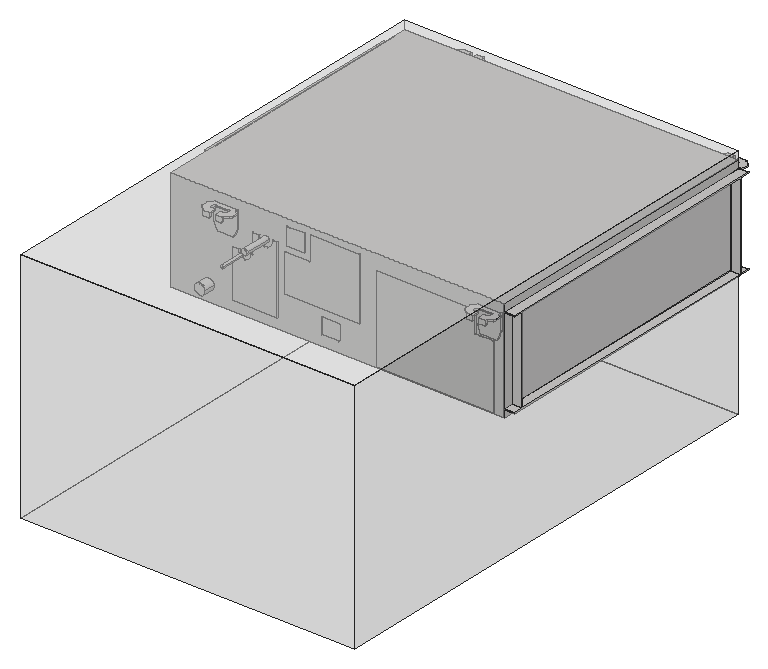
Revit family "outputfile", category 機械設備, Revit 2024
Family settings
  丸型コネクタ寸法 = 半径を使用
  パーツ タイプ = 標準
  OmniClass 番号 = 23.75.10.24.21.27.27
  OmniClass タイトル = Split System Air Conditioning Units
  作業面ベース = いいえ
  常に垂直 = はい
  ロード時にボイドで切り取り = いいえ
  注釈の向きを維持 = いいえ
  共有 = いいえ
  部屋計算ポイント = はい
Parameters (values of type "FBFC50DVM4")
  Description = ""
  製造元 = "Daikin"
  書き出し IFC クラス(タイプ) = "IfcUnitaryEquipmentType"
  定義済み IFC タイプ(タイプ) = "AIRCONDITIONINGUNIT"
  Cost = 0
  モデル = "FBFC50DVM4"
  Type Comments = ""
  Keynote = ""
  Type Image = (empty or 0)
  Assembly Code = ""
  switch_frequency = yes
  r_Liquid Pipe Size = Liquid Pipe Size / 2  # 3.2 mm
  r_Gas Pipe Size = Gas Pipe Size / 2  # 6.35 mm
  r_Drain Pipe Size = Drain Pipe Size / 2  # 12.5 mm
  lw_power = 770.0 mm  # constant formula
  lh_SA = 138.0 mm  # constant formula
  lw_SA = if(Depth = 550.0 mm, 225.0 mm, if(Depth = 700.0 mm, 300.0 mm, if(Depth = 1000.0 mm, 450.0 mm, if(Depth = 1400.0 mm, 650.0 mm, 725.0 mm))))  # 300.0 mm
  lw_RA = if(Depth = 550.0 mm, 275.0 mm, if(Depth = 700.0 mm, 349.0 mm, if(Depth = 1000.0 mm, 499.0 mm, if(Depth = 1400.0 mm, 699.0 mm, 775.0 mm))))  # 349.0 mm
  lh_power = 60.0 mm + [h***]  # 60.0 mm
  lh_mountinghole1 = lh_mountinghole + [h***]  # 222.0 mm
  lh_RA = 123.0 mm  # constant formula
  ld_power = Depth / 2  # 350.0 mm
  connector_voltage = Voltage_50Hz  # 230 V
  connector_powerinput = [Power Input (Cooling)]  # 0.000 kW
  connector_phase = Phase_50Hz  # 1
  Voltage_comment_50Hz = "220 - 240"
  Voltage_50Hz = 230 V
  URL = ""
  Supply Air Direction [instance] = yes
  Sound Power Level_H speed (dB) = 0
  Phase_50Hz = 1
  Minimum External Static Pressure = 30.00 Pa
  Minimum Circuit Amps_50Hz = 0.0 A
  Maximum Fuse Amps_50Hz = 0.0 A
  Maximum External Static Pressure = 130.00 Pa
  Material_Casing = DAIKIN_GalvanizedSteel_Casing_indoorunit
  lw_mountinghole = 630.0 mm  # constant formula
  lh_gaspipe = 183.0 mm + [h***]  # 183.0 mm
  lh_mountinghole = 222.0 mm  # constant formula
  lh_liquidpipe = 136.0 mm + [h***]  # 136.0 mm
  lh_drainpipe = 38.0 mm + [h***]  # 38.0 mm
  lh_antena = Height - lh_mountinghole + 1.0 mm  # 24.0 mm
  ld_drainpipe = Depth / 2 + 26.0 mm  # 376.0 mm
  ld_liquidpipe = Depth / 2 + 69.0 mm  # 419.0 mm
  ld_gaspipe = Depth / 2 + 65.0 mm  # 415.0 mm
  ld_mountinghole = Depth + 38.0 mm  # 738.0 mm
  h*** = 0.0 mm  # constant formula
  lw_liquidpipe = 179.0 mm  # constant formula
  lw_gaspipe = 229.0 mm  # constant formula
  lw_drainpipe = 91.0 mm  # constant formula
  Width = 800.0 mm
  Version = "ver.1.0"
  Unit Type = "M.S.P. Duct"
  Unit Mass Weight = 26.00 kg
  Unit Designation [instance] = ""
  Uniclass2015Version = "Products v1.30"
  Uniclass2015Title = "Split coil room air conditioning units"
  Uniclass2015Code = "Pr_70_65_03_86"
  Total Cooling Capacity [instance] = 0.000 kW
  Sound Pressure Level_M speed (dBA) = 35
  Sound Pressure Level_L speed (dBA) = 30
  Sound Pressure Level_H speed (dBA) = 37
  Series = "SkyAir_Fan Coil Unit"
  Sensible Cooling Capacity [instance] = 0.000 kW
  SA Duct Size Width = 492.0 mm
  SA Duct Size Height = 176.0 mm
  Refrigerant Type = "R32"
  RA Duct Size Width = 654.0 mm
  RA Duct Size Height = 208.0 mm
  Power Input (Cooling) = 0.000 kW
  Option Accessory 3 [instance] = ""
  Option Accessory 2 [instance] = ""
  Option Accessory 1 [instance] = ""
  Nominal Cooling Capacity = 5.000 kW
  Minimum Airflow = 540.00 m³/h
  Median Airflow = 720.00 m³/h
  Maximum Airflow = 930.00 m³/h
  Load Classification = HVAC
  Liquid Pipe Size = 6.4 mm
  Link_Nested Family [instance] = ""
  IfcVersion = ""
  IfcExportType = "AIRCONDITIONINGUNIT"
  IfcExportAs = "IfcUnitaryEquipmentType"
  Height = 245.0 mm
  Heat Exchanger Type = "Cross Fin Coil"
  Gas Pipe Size = 12.7 mm
  Frequency_50Hz = 50 Hz
  Fan Type = "Sirocco Fan"
  Fan Drive = "Direct Drive"
  FCU Tag No. [instance] = ""
  Drain Pipe Size = 25.0 mm
  Design Supply Airflow [instance] = 0.00 m³/h
  Design Return Airflow [instance] = 0.00 m³/h
  Design External Static Pressure [instance] = 0.00 Pa
  Depth = 700.0 mm
  既定の高さ = 0.0 mm
  Cooling Entering Wet Bulb Temperature [instance] = 0.00 °C
  Cooling Entering Dry Bulb Temperature [instance] = 0.00 °C
  Cooling Ambient Wet Bulb Temperature [instance] = 0.00 °C
  Cooling Ambient Dry Bulb Temperature [instance] = 0.00 °C
  Clearance visibility [instance] = yes
  Clearance Top = 20.0 mm
  Clearance Right = 0.0 mm
  Clearance Rear = 0.0 mm
  Clearance Left = 0.0 mm
  Clearance Front = 450.0 mm
  Clearance Bottom = 300.0 mm
Reference planes
  plane 1 "Center (Front/Back)": y = 0
  plane 2 "h": z = 0
  plane 3 "Center (Left/Right)": x = 0
  plane 4 "Back": y = 350
  plane 5 "Front": y = -350
  plane 6 "Left": x = -400
  plane 7 "Right": x = 400
  plane 8 "Top": z = 0
  plane 9 "Bottom": z = -245
  plane 10: y = -215
  plane 11: y = 350
  plane 12: y = -800
  plane 13: x = -400
  plane 14: x = 400
  plane 15: z = 20
  plane 16: z = -545
  plane 17: x = -400
  plane 18: x = -399
  plane 19: x = 399
  plane 20: y = 50
  plane 21: y = -1
  plane 22: z = -122
  plane 23: y = -351
  plane 24: z = -109
  plane 25: x = -221
  plane 26: y = -415
  plane 27: z = -62
  plane 28: x = -171
  plane 29: y = -376
  plane 30: z = -207
  plane 31: x = -309
  plane 32: x = -309
  plane 33: x = -221
  plane 34: x = -171
  plane 35: x = 370
  plane 36: x = -266
  plane 37: x = 364
  plane 38: y = -369
  plane 39: y = 369
  plane 40: z = -23
  plane 41: z = -107
  plane 42: y = -419
  plane 43: y = -376
  plane 44: x = -251
  plane 45: x = -203
  plane 46: x = -144
  plane 47: z = -59
  plane 48: z = -106
  plane 49: z = -221
  plane 50: z = -109
  plane 51: x = -221
  plane 52: z = -62
  plane 53: x = -171
  plane 54: z = -17
  plane 55: z = -59
  plane 56: x = -121
  plane 57: x = -79
  plane 58: x = -125
  plane 59: x = -64
  plane 60: x = 53
  plane 61: z = -164
  plane 62: z = -73
  plane 63: z = -16
  plane 64: x = 93.5
  plane 65: x = 374.5
  plane 66: x = 330
  plane 67: z = -88.5
  plane 68: z = -38
  plane 69: z = -242.5
  plane 70: x = -38.5
  plane 71: x = 6.5
  plane 72: z = -181
  plane 73: z = -221
  plane 74: y = -349
  plane 75: x = -424
  plane 76: x = 424
Forms (mm)
  Extrusion 1, solid, material "DAIKIN_GalvanizedSteel_Casing_indoorunit" <- "Material_Casing"
    sketch origin (0, 0, 0) x (1, 0, 0) y (0, 1, 0)
      loop
        line (-399, 350) -> (-399, -350) -> (399, -350) -> (399, 350) -> (-399, 350)
    from -245 to 0
  Extrusion 2, solid, material "DAIKIN_GalvanizedSteel_Casing_indoorunit" <- "Material_Casing"
    sketch origin (0, 0, 0) x (1, 0, 0) y (0, 0, 1)
      loop
        line (-251, -221) -> (-144, -221) -> (-144, -59) -> (-154.47, -59)
        arc (-154.47, -59) -> (-171, -78.8) -> (-187.53, -59) r 16.8
        line (-187.53, -59) -> (-203, -59) -> (-203, -106) -> (-206.916, -106)
        arc (-206.916, -106) -> (-221, -123.4) -> (-235.084, -106) r 14.4
        line (-235.084, -106) -> (-251, -106) -> (-251, -221)
    from 350 to 351
  Extrusion 3, solid, material "DAIKIN_GalvanizedSteel_Casing_indoorunit" <- "Material_Casing"
    sketch origin (0, 0, 0) x (1, 0, 0) y (0, 0, 1)
      loop
        line (-121, -17) -> (-121, -59) -> (-79, -59) -> (-79, -17) -> (-121, -17)
      loop
        line (-125, -73) -> (-125, -164) -> (53, -164) -> (53, -16) -> (-64, -16) -> (-64, -73) -> (-125, -73)
    from 350 to 351
  Extrusion 4, solid, material "DAIKIN_GalvanizedSteel_Casing_indoorunit" <- "Material_Casing"
    sketch origin (0, 0, 0) x (1, 0, 0) y (0, 0, 1)
      loop
        line (93.5, -38) -> (93.5, -242.5) -> (374.5, -242.5) -> (374.5, -88.5) -> (330, -88.5) -> (330, -38) -> (93.5, -38)
    from 350 to 351
  Extrusion 5, solid, material "DAIKIN_GalvanizedSteel_Casing_indoorunit" <- "Material_Casing"
    sketch origin (0, 0, 0) x (1, 0, 0) y (0, 0, 1)
      loop
        circle (-221, -109) r 3.2
    from 350 to 419
  Extrusion 6, solid, material "DAIKIN_GalvanizedSteel_Casing_indoorunit" <- "Material_Casing"
    sketch origin (0, 0, 0) x (1, 0, 0) y (0, 0, 1)
      loop
        circle (-171, -62) r 6.35
    from 350 to 415
  Extrusion 7, solid, material "DAIKIN_GalvanizedSteel_Casing_indoorunit" <- "Material_Casing"
    sketch origin (0, 0, 0) x (1, 0, 0) y (0, 0, 1)
      loop
        circle (-309, -207) r 12.5
    from 350 to 376
  Extrusion 8, void
    sketch origin (0, 0, 0) x (1, 0, 0) y (0, 0, 1)
      loop
        line (-38.5, -181) -> (-38.5, -221) -> (6.5, -221) -> (6.5, -181) -> (-38.5, -181)
    from 349 to 350
Cuts and joins
  Extrusion 8 cuts Extrusion 1
Dimensions and locks
  "Height": plane 8 "Top" to plane 9 "Bottom"
  equal spacing: plane 4 "Back", plane 1 "Center (Front/Back)", plane 5 "Front"
  "Depth": plane 4 "Back" to plane 5 "Front"
  equal spacing: plane 6 "Left", plane 3 "Center (Left/Right)", plane 7 "Right"
  "Width": plane 6 "Left" to plane 7 "Right"
  "Clearance Left": plane 13 to plane 6 "Left"
  "Clearance Right": plane 7 "Right" to plane 14
  "Clearance Rear": plane 11 to plane 4 "Back"
  "Clearance Front": plane 5 "Front" to plane 12
  "Clearance Top": plane 15 to plane 8 "Top"
  "Clearance Bottom": plane 9 "Bottom" to plane 16
  locked: plane 17 to plane 18 at 1
  locked: plane 19 to plane 14 at 1
  "lw_SA": plane 11 to plane 20
  "lw_RA": plane 21 to plane 5 "Front"
  "lh_RA": plane 22 to plane 9 "Bottom"
  locked: plane 5 "Front" to plane 23 at 1
  "lw_liquidpipe": plane 25 to plane 6 "Left"
  "lh_liquidpipe": plane 24 to plane 9 "Bottom"
  "lh_gaspipe": plane 27 to plane 9 "Bottom"
  "lw_gaspipe": plane 28 to plane 6 "Left"
  "ld_gaspipe": plane 26 to plane 1 "Center (Front/Back)"
  "ld_drainpipe": plane 29 to plane 1 "Center (Front/Back)"
  "lh_drainpipe": plane 30 to plane 9 "Bottom"
  "lw_drainpipe": plane 31 to plane 6 "Left"
  "lw_drainpipe": plane 6 "Left" to plane 32
  "lw_liquidpipe": plane 6 "Left" to plane 33
  "lw_gaspipe": plane 6 "Left" to plane 34
  "lw_power": plane 6 "Left" to plane 35
  locked: plane 17 to plane 36 at 134
  "lw_mountinghole": plane 36 to plane 37
  equal spacing: plane 38, plane 1 "Center (Front/Back)", plane 39
  "ld_mountinghole": plane 39 to plane 38
  "lh_mountinghole": plane 40 to plane 9 "Bottom"
  "lh_SA": plane 41 to plane 9 "Bottom"
  plane 46 to plane 45 to plane 44 to plane 6 "Left" = 59.0 mm, 48.0 mm, 149.0 mm
  plane 8 "Top" to plane 47 to plane 48 to plane 49 = 59.0 mm locked, 47.0 mm locked, 115.0 mm locked
  plane 53 to plane 51 to plane 6 "Left" = 50.0 mm locked, 179.0 mm locked
  plane 52 to plane 50 to plane 9 "Bottom" = 47.0 mm locked, 136.0 mm locked
  plane 57 to plane 56 to plane 6 "Left" = 42.0 mm locked, 279.0 mm locked
  plane 8 "Top" to plane 54 to plane 55 = 17.0 mm locked, 42.0 mm locked
  plane 60 to plane 59 to plane 58 to plane 6 "Left" = 117.0 mm, 61.0 mm, 275.0 mm
  plane 8 "Top" to plane 63 to plane 62 = 16.0 mm locked, 57.0 mm locked
  locked: plane 63 to plane 61 at 148
  plane 8 "Top" to plane 68 to plane 67 to plane 69 = 38.0 mm locked, 50.5 mm locked, 154.0 mm locked
  plane 65 to plane 66 to plane 64 to plane 6 "Left" = 44.5 mm locked, 236.5 mm locked, 493.5 mm locked
  plane 8 "Top" to plane 72 to plane 73 = 181.0 mm locked, 40.0 mm locked
  plane 71 to plane 70 to plane 6 "Left" = 45.0 mm, 361.5 mm
  locked: plane 74 to plane 5 "Front" at 1
  locked: plane 75 to plane 17 at 24
  locked: plane 14 to plane 76 at 24
  "ld_liquidpipe": plane 42 to plane 1 "Center (Front/Back)"
  "r_Liquid Pipe Size": radius of Extrusion 5 sketch curve
  "r_Gas Pipe Size": radius of Extrusion 6 sketch curve
  "r_Drain Pipe Size": radius of Extrusion 7 sketch curve
  aligned and locked: level to plane 2 "h"
  aligned and locked: plane 8 "Top" to Extrusion 1
  aligned and locked: Extrusion 1 to plane 9 "Bottom"
  aligned and locked: nested 5 to plane 12
  aligned and locked: plane 13 to nested 5
  aligned and locked: plane 14 to nested 5
  aligned and locked: nested 5 to plane 13
  aligned and locked: plane 11 to nested 5
  aligned and locked: plane 15 to nested 5
  aligned and locked: plane 16 to nested 5
  aligned and locked: plane 5 "Front" to Extrusion 1 sketch curve
  aligned and locked: Extrusion 1 to plane 18
  aligned and locked: plane 19 to Extrusion 1
  aligned and locked: nested 7 to plane 18
  aligned and locked: nested 7 to plane 20
  aligned and locked: plane 19 to nested 8
  aligned and locked: plane 21 to nested 8
  aligned and locked: plane 22 to nested 8
  aligned and locked: Extrusion 2 to plane 23
  aligned and locked: plane 5 "Front" to Extrusion 2
  aligned and locked: Extrusion 3 to plane 23
  aligned and locked: plane 5 "Front" to Extrusion 3
  aligned and locked: plane 5 "Front" to Extrusion 4
  aligned and locked: Extrusion 5 sketch curve to plane 25
  aligned and locked: plane 24 to Extrusion 5 sketch curve
  aligned and locked: plane 5 "Front" to Extrusion 5
  aligned and locked: Extrusion 6 sketch curve to plane 28
  aligned and locked: plane 27 to Extrusion 6 sketch curve
  aligned and locked: plane 5 "Front" to Extrusion 6
  aligned and locked: Extrusion 7 sketch curve to plane 31
  aligned and locked: plane 30 to Extrusion 7 sketch curve
  aligned and locked: Extrusion 7 to plane 29
  aligned and locked: nested 3 to plane 29
  aligned and locked: plane 32 to nested 3
  aligned and locked: nested 2 to plane 33
  aligned and locked: nested 1 to plane 34
  aligned and locked: Extrusion 6 to plane 26
  aligned and locked: nested 1 to plane 26
  aligned and locked: nested 6 to plane 5 "Front"
  aligned and locked: nested 6 to plane 35
  aligned and locked: plane 36 to nested 10
  aligned and locked: nested 10 to plane 5 "Front"
  aligned and locked: plane 37 to nested 9
  aligned and locked: nested 9 to plane 5 "Front"
  aligned and locked: nested 11 to plane 36
  aligned and locked: plane 4 "Back" to nested 11
  aligned and locked: nested 12 to plane 37
  aligned and locked: plane 4 "Back" to nested 12
  aligned and locked: plane 40 to nested 10
  aligned and locked: plane 40 to nested 11
  aligned and locked: plane 40 to nested 9
  aligned and locked: plane 40 to nested 12
  aligned and locked: plane 36 to nested 14
  aligned and locked: nested 14 to plane 39
  aligned and locked: plane 37 to nested 13
  aligned and locked: nested 13 to plane 39
  aligned and locked: plane 37 to nested 16
  aligned and locked: plane 38 to nested 16
  aligned and locked: plane 38 to nested 15
  aligned and locked: plane 36 to nested 15
  aligned and locked: plane 17 to plane 6 "Left"
  aligned and locked: plane 41 to nested 7
  aligned and locked: Extrusion 5 to plane 42
  aligned and locked: nested 2 to plane 42
  aligned and locked: Extrusion 3 sketch curve to plane 54
  aligned and locked: Extrusion 3 sketch curve to plane 56
  aligned and locked: plane 55 to Extrusion 3 sketch curve
  aligned and locked: plane 57 to Extrusion 3 sketch curve
  aligned and locked: Extrusion 4 to plane 23
  aligned and locked: Extrusion 8 sketch curve to plane 72
  aligned and locked: plane 73 to Extrusion 8 sketch curve
  aligned and locked: plane 71 to Extrusion 8 sketch curve
  aligned and locked: plane 5 "Front" to Extrusion 8
  aligned and locked: plane 74 to Extrusion 8
  aligned and locked: nested 17 to plane 20
  aligned and locked: nested 17 to plane 75
  aligned and locked: plane 21 to nested 18
  aligned and locked: plane 76 to nested 18
  aligned and locked: plane 41 to nested 17
  aligned and locked: nested 18 to plane 22
  aligned and locked: nested 4 to plane 3 "Center (Left/Right)"
  aligned and locked: plane 1 "Center (Front/Back)" to nested 4
  aligned and locked: level to plane 8 "Top"
  aligned and locked: plane 5 "Front" to Extrusion 7
Automatic sketch dimensions
  plane 6 "Left" to Extrusion 1 sketch curve = 1.0 mm
  Extrusion 1 sketch curve to plane 7 "Right" = 1.0 mm
  Extrusion 1 sketch curve to plane 4 "Back" = 0.0 mm
  Extrusion 2 sketch curve to plane 44 = 0.0 mm
  Extrusion 2 sketch curve to plane 33 = 0.0 mm
  Extrusion 2 sketch curve to plane 45 = 0.0 mm
  Extrusion 2 sketch curve to plane 34 = 0.0 mm
  Extrusion 2 sketch curve to plane 46 = 0.0 mm
  Extrusion 2 sketch curve to plane 49 = 0.0 mm
  Extrusion 2 sketch curve to plane 50 = 0.0 mm
  Extrusion 2 sketch curve to plane 48 = 0.0 mm  (x3)
  Extrusion 2 sketch curve to plane 52 = 0.0 mm
  Extrusion 2 sketch curve to plane 47 = 0.0 mm  (x3)
  plane 33 to Extrusion 2 sketch curve = 14.084 mm
  plane 34 to Extrusion 2 sketch curve = 16.53 mm
  Extrusion 3 sketch curve to plane 58 = 0.0 mm
  Extrusion 3 sketch curve to plane 59 = 0.0 mm
  Extrusion 3 sketch curve to plane 60 = 0.0 mm
  Extrusion 3 sketch curve to plane 61 = 0.0 mm
  Extrusion 3 sketch curve to plane 62 = 0.0 mm
  Extrusion 3 sketch curve to plane 63 = 0.0 mm
  Extrusion 4 sketch curve to plane 64 = 0.0 mm
  Extrusion 4 sketch curve to plane 66 = 0.0 mm
  Extrusion 4 sketch curve to plane 65 = 0.0 mm
  Extrusion 4 sketch curve to plane 69 = 0.0 mm
  Extrusion 4 sketch curve to plane 67 = 0.0 mm
  Extrusion 4 sketch curve to plane 68 = 0.0 mm
  Extrusion 8 sketch curve to plane 70 = 0.0 mm
Nested families
  nested 1: "daikin_connector_rotate2" at (-171, 0, -62), length <- "ld_gaspipe", built-in parameter 1001364 <- "lh_gaspipe", radius <- "r_Gas Pipe Size", type "daikin_connector_rotate2"
    with radius 6.35 mm, length 415.0 mm, angle_vertical 90.00°
  nested 2: "daikin_connector_rotate2" at (-221, 0, -109), length <- "ld_liquidpipe", built-in parameter 1001364 <- "lh_liquidpipe", radius <- "r_Liquid Pipe Size", type "daikin_connector_rotate2"
    with radius 3.2 mm, length 419.0 mm, angle_vertical 90.00°
  nested 3: "daikin_connector_rotate2" at (-309, 0, -207), length <- "ld_drainpipe", built-in parameter 1001364 <- "lh_drainpipe", radius <- "r_Drain Pipe Size", type "daikin_connector_rotate2"
    with radius 12.5 mm, length 376.0 mm, angle_vertical 90.00°
  nested 4: "daikin_△_symbolicline" at (0, 0, 245) x (0, -1, 0) z (0, 0, 1), built-in parameter 1001364 <- "Height", visible <- "Supply Air Direction", type "daikin_△_symbolicline"
    with length 200.0 mm
  nested 5: "daikin_clearancespace" at (0, -225, -262.381), visible <- "Clearance visibility", show <- "Clearance visibility", Link_Nested Family <- "Link_Nested Family", type "daikin_clearancespace"
    with width 800.0 mm, show yes, height 565.0 mm, depth 1150.0 mm, Link_Nested Family ""
  nested 6: "daikin_connector_rotate2" at (370, 0, -185), built-in parameter 1001364 <- "lh_power", length <- "ld_power", type "daikin_connector_rotate2"
    with radius 10.0 mm, length 350.0 mm, angle_vertical 90.00°
  nested 7: "daikin_ductflange_FBFC-DVM42" at (-399, 50, -107) x (0, -1, 0) z (0, 0, 1), type "daikin_ductflange_FBFC-DVM42"
    with width 492.0 mm, w 700.0 mm
  nested 8: "daikin_ductflange_FBFC-DVM4" at (399, -1, -122) x (0, 1, 0) z (0, 0, 1), type "daikin_ductflange_FBFC-DVM4"
  nested 9: "daikin_hangerfixture_FBFC-DVM4" at (364, -350, -23), type "daikin_hangerfixture_FBFC-DVM4"
  nested 10: "daikin_hangerfixture_FBFC-DVM4" at (-266, -350, -23), type "daikin_hangerfixture_FBFC-DVM4"
  nested 11: "daikin_hangerfixture_FBFC-DVM4" at (-266, 350, -23) x (-1, 0, 0) z (0, 0, 1), type "daikin_hangerfixture_FBFC-DVM4"
  nested 12: "daikin_hangerfixture_FBFC-DVM4" at (364, 350, -23) x (-1, 0, 0) z (0, 0, 1), type "daikin_hangerfixture_FBFC-DVM4"
  nested 13: "daikin_mountinghole" at (364, 369, -245), h_mountinghole <- "lh_mountinghole1", l_antenna <- "lh_antena", Link_Nested Family <- "Link_Nested Family", type "daikin_mountinghole"
    with show yes, l_antenna 24.0 mm, h_mountinghole 222.0 mm, Link_Nested Family ""
  nested 14: "daikin_mountinghole" at (-266, 369, -245), h_mountinghole <- "lh_mountinghole1", l_antenna <- "lh_antena", Link_Nested Family <- "Link_Nested Family", type "daikin_mountinghole"
    with show yes, l_antenna 24.0 mm, h_mountinghole 222.0 mm, Link_Nested Family ""
  nested 15: "daikin_mountinghole" at (-266, -369, -245), h_mountinghole <- "lh_mountinghole1", l_antenna <- "lh_antena", Link_Nested Family <- "Link_Nested Family", type "daikin_mountinghole"
    with show yes, l_antenna 24.0 mm, h_mountinghole 222.0 mm, Link_Nested Family ""
  nested 16: "daikin_mountinghole" at (364, -369, -245), h_mountinghole <- "lh_mountinghole1", l_antenna <- "lh_antena", Link_Nested Family <- "Link_Nested Family", type "daikin_mountinghole"
    with show yes, l_antenna 24.0 mm, h_mountinghole 222.0 mm, Link_Nested Family ""
  nested 17: "daikin_connector_rotate2" at (-400, 50, -107) x (0, -1, 0) z (0, 0, 1), type "daikin_connector_rotate2"
    with radius 10.0 mm, length 24.0 mm, angle_vertical 90.00°
  nested 18: "daikin_connector_rotate2" at (400, -1, -122) x (0, 1, 0) z (0, 0, 1), type "daikin_connector_rotate2"
    with radius 10.0 mm, length 24.0 mm, angle_vertical 90.00°
Connectors
  piping at (-309, -376, -207), diameter 25, driven by "r_Drain Pipe Size"
    settings: on nested 3, index 3, connector inside diameter 609.6 mm, connector length 0.0 mm, flow factor 0, pipe flow 0.00 m³/h, pressure drop 0.0 Pa, fitting loss kfactor 0, connector angle 0.00°, fixture units 0, engagement length 0.0 mm, angle of deflection 0.00°, flow configuration 1, flow direction 2, fitting loss method 4, system type 16, joint type 0, gender type 0, connector reference index -1, connector utility 0, adjustable connector no, is connector primary yes, connector description "Condensate Drain Piping"
  piping at (-171, -415, -62), diameter 12.7, driven by "r_Gas Pipe Size"
    settings: on nested 1, index 4, connector inside diameter 609.6 mm, connector length 0.0 mm, flow factor 0, pipe flow 0.00 m³/h, pressure drop 0.0 Pa, fitting loss kfactor 0, connector angle 0.00°, fixture units 0, engagement length 0.0 mm, angle of deflection 0.00°, flow configuration 1, flow direction 2, fitting loss method 0, system type 29, joint type 0, gender type 0, connector reference index -1, connector utility 0, adjustable connector no, is connector primary no, connector description "Refrigerant Gas Piping"
  piping at (-221, -419, -109), diameter 6.4, driven by "r_Liquid Pipe Size"
    settings: on nested 2, index 5, connector inside diameter 609.6 mm, connector length 0.0 mm, flow factor 0, pipe flow 0.00 m³/h, pressure drop 0.0 Pa, fitting loss kfactor 0, connector angle 0.00°, fixture units 0, engagement length 0.0 mm, angle of deflection 0.00°, flow configuration 1, flow direction 1, fitting loss method 0, system type 29, joint type 0, gender type 0, connector reference index -1, connector utility 0, adjustable connector no, is connector primary no, connector description "Refrigerant Liquid Piping"
  electrical at (370, -350, -185), driven by "Load Classification", driven by "connector_powerinput", driven by "connector_voltage", driven by "connector_phase"
    settings: on nested 6, index 6, voltage 230 V, apparent load 0 VA, apparent load phase1 0 VA, apparent load phase2 0 VA, apparent load phase3 0 VA, power factor 1, load classification "HVAC", number of poles 1, system type 30, power factor state 1, is connector primary yes, connector utility no, sub classification motor no, connector description "Power Supply"
  hvac at (-424, 50, -107), driven by "SA Duct Size Height", driven by "SA Duct Size Width"
    settings: on nested 17, index 7, duct flow 0.00 m³/h, flow factor 0, pres drop 0.00 Pa, loss coef 0, conn angle 0.00°, conn width 492.0 mm, conn height 176.0 mm, conn diameter 609.6 mm, duct sys type 1, conn prof type 1, flow config 0, flow direction 2, loss method 4, conn ref index -1, conn util no, is conn primary yes, conn desc "SA Duct"
  hvac at (424, -1, -122), driven by "RA Duct Size Height", driven by "RA Duct Size Width"
    settings: on nested 18, index 8, duct flow 0.00 m³/h, flow factor 0, pres drop 0.00 Pa, loss coef 0, conn angle 0.00°, conn width 654.0 mm, conn height 208.0 mm, conn diameter 609.6 mm, duct sys type 2, conn prof type 1, flow config 0, flow direction 1, loss method 4, conn ref index -1, conn util no, is conn primary no, conn desc "RA Duct"
Definition of nested family "daikin_clearancespace"
  Parameters (values of type "daikin_clearancespace")
    Description = "daikin_clearancespace"
    width [instance] = 1823.963 mm
    show [instance] = yes
    material = none
    height [instance] = 1359.762 mm
    depth [instance] = 880.0 mm
    Default Elevation = 0.0 mm
    Link_Nested Family [instance] = ""
  Reference planes
    plane 1 "Center (Front/Back)": y = 0
    plane 2 "Center (Elevation)": z = -0.119
    plane 3 "Center (Left/Right)": x = 0
    plane 4: y = 440
    plane 5: y = -440
    plane 6 "Right": x = 911.982
    plane 7 "Left": x = -911.982
    plane 8 "Top": z = 679.762
    plane 9 "Bottom": z = -680
  Forms (mm)
    Extrusion 1, solid, material <- "material", visible <- "show"
      sketch origin (0, 0, 0) x (1, 0, 0) y (0, 1, 0)
        loop
          line (-911.982, 440) -> (-911.982, -440) -> (911.982, -440) -> (911.982, 440) -> (-911.982, 440)
      from -680 to 679.762
  Lines and regions (mm)
    symbolic lines, visible <- "show"
      curve 1: line (911.982, 440, 0) -> (-911.982, 440, 0)
      curve 2: line (-911.982, 440, 0) -> (-911.982, -440, 0)
      curve 3: line (-911.982, -440, 0) -> (911.982, -440, 0)
      curve 4: line (911.982, -440, 0) -> (911.982, 440, 0)
      curve 5: line (911.982, 0, 679.762) -> (-911.982, 0, 679.762)
      curve 6: line (911.982, 0, -680) -> (911.982, 0, 679.762)
      curve 7: line (-911.982, 0, -680) -> (911.982, 0, -680)
      curve 8: line (-911.982, 0, 679.762) -> (-911.982, 0, -680)
      curve 9: line (0, 440, 679.762) -> (0, -440, 679.762)
      curve 10: line (0, -440, 679.762) -> (0, -440, -680)
      curve 11: line (0, 440, -680) -> (0, 440, 679.762)
      curve 12: line (0, -440, -680) -> (0, 440, -680)
  Dimensions and locks
    "width": plane 7 "Left" to plane 6 "Right"
    "depth": plane 4 to plane 5
    "height": plane 8 "Top" to plane 9 "Bottom"
    equal spacing: plane 7 "Left", plane 3 "Center (Left/Right)", plane 6 "Right"
    equal spacing: plane 4, plane 1 "Center (Front/Back)", plane 5
    equal spacing: plane 8 "Top", plane 2 "Center (Elevation)", plane 9 "Bottom"
    aligned and locked: level to plane 2 "Center (Elevation)"
    aligned and locked: Extrusion 1 sketch curve to plane 4
    aligned and locked: plane 7 "Left" to Extrusion 1 sketch curve
    aligned and locked: Extrusion 1 sketch curve to plane 5
    aligned and locked: Extrusion 1 sketch curve to plane 6 "Right"
    aligned and locked: plane 8 "Top" to Extrusion 1
    aligned and locked: curve 1 to Extrusion 1
    aligned and locked: curve 2 to Extrusion 1
    aligned and locked: curve 3 to Extrusion 1
    aligned and locked: curve 4 to Extrusion 1
    aligned and locked: curve 5 to Extrusion 1
    aligned and locked: curve 6 to Extrusion 1
    aligned and locked: curve 7 to Extrusion 1
    aligned and locked: curve 8 to Extrusion 1
    aligned and locked: curve 9 to Extrusion 1
    aligned and locked: curve 10 to Extrusion 1
    aligned and locked: curve 11 to Extrusion 1
    aligned and locked: curve 12 to Extrusion 1
    aligned and locked: Extrusion 1 to plane 9 "Bottom"
Definition of nested family "daikin_ductflange_FBFC-DVM42"
  Parameters (values of type "daikin_ductflange_FBFC-DVMG2")
    width = if(w = 550.0 mm, 337.0 mm, if(w = 700.0 mm, 492.0 mm, if(w = 1000.0 mm, 792.0 mm, if(w = 1400.0 mm, 1192.0 mm, 1337.0 mm))))  # 1192.0 mm
    material = none
    height = 215.0 mm
    depth = 1.0 mm
    w = 1400.0 mm
    Default Elevation = 0.0 mm
  Reference planes
    plane 1 "Center (Front/Back)": y = 0
    plane 2: z = 0
    plane 3 "Center (Left/Right)": x = 0
    plane 4: z = 88
    plane 5: z = -88
    plane 6: y = -25
    plane 7: z = 106
    plane 8: z = 89
    plane 9: y = -1
    plane 10: x = -617.5
    plane 11: x = 617.5
    plane 12: z = -106
    plane 13: z = -89
    plane 14: y = -1
    plane 15: x = 596
    plane 16: x = -596
    plane 17: x = 597
    plane 18: z = 87
    plane 19: z = -87
    plane 20: x = -597
    plane 21: z = 87
    plane 22: z = -87
    plane 23: y = -1
  Forms (mm)
    Extrusion 1, solid, material <- "material"
      sketch origin (0, 0, 0) x (0, 1, 0) y (0, 0, 1)
        loop
          line (-25, 88) -> (0, 88) -> (0, 106) -> (-1, 106) -> (-1, 89) -> (-25, 89) -> (-25, 88)
      from -617.5 to 617.5
    Extrusion 2, solid, material <- "material"
      sketch origin (0, 0, 0) x (0, 1, 0) y (0, 0, 1)
        loop
          line (-25, -88) -> (-25, -89) -> (-1, -89) -> (-1, -106) -> (0, -106) -> (0, -88) -> (-25, -88)
      from -617.5 to 617.5
    Extrusion 3, solid, material <- "material"
      sketch origin (0, 0, 0) x (1, 0, 0) y (0, 0, 1)
        loop
          line (596, 88) -> (596, -88) -> (617.5, -88) -> (617.5, -87) -> (597, -87) -> (597, 87) -> (617.5, 87) -> (617.5, 88) -> (596, 88)
      from 0 to 25
    Extrusion 4, solid, material <- "material"
      sketch origin (0, 0, 0) x (1, 0, 0) y (0, 0, 1)
        loop
          line (-617.5, 88) -> (-617.5, 87) -> (-597, 87) -> (-597, -87) -> (-617.5, -87) -> (-617.5, -88) -> (-596, -88) -> (-596, 88) -> (-617.5, 88)
      from 0 to 25
    Extrusion 5, solid, material <- "material"
      sketch origin (0, 0, 0) x (1, 0, 0) y (0, 0, 1)
        loop
          line (-617.5, 88) -> (-617.5, -88) -> (-596, -88) -> (-596, 88) -> (-617.5, 88)
        loop
          line (617.5, 88) -> (596, 88) -> (596, -88) -> (617.5, -88) -> (617.5, 88)
      from 0 to 1
  Cuts and joins
    joined: Extrusion 1, Extrusion 2, Extrusion 3, Extrusion 4, Extrusion 5
  Dimensions and locks
    plane 4 to level to plane 5 = 88.0 mm, 88.0 mm
    locked: plane 6 to plane 1 "Center (Front/Back)" at 25
    locked: plane 9 to plane 1 "Center (Front/Back)" at 1
    locked: plane 8 to plane 4 at 1
    locked: plane 16 to plane 10 at 21.5
    locked: plane 17 to plane 15 at 1
    locked: plane 4 to plane 18 at 1
    locked: plane 19 to plane 5 at 1
    "width": plane 15 to plane 16
    plane 4 to plane 5 = 176.0 mm
    locked: plane 16 to plane 20 at 1
    locked: plane 4 to plane 21 at 1
    locked: plane 22 to plane 5 at 1
    locked: plane 23 to plane 1 "Center (Front/Back)" at 1
    plane 4 to level to plane 5 = 88.0 mm locked, 88.0 mm locked
    locked: plane 5 to plane 13 at 1
    locked: plane 5 to plane 12 at 18
    locked: plane 7 to plane 4 at 18
    equal spacing: plane 15, plane 3 "Center (Left/Right)", plane 16
    locked: plane 11 to plane 15 at 21.5
    plane 11 to plane 10 = 1235.0 mm
    aligned and locked: level to plane 2
    aligned and locked: Extrusion 1 to plane 10
    aligned and locked: plane 11 to Extrusion 1
    aligned and locked: plane 5 to Extrusion 2
    aligned and locked: Extrusion 2 to plane 1 "Center (Front/Back)"
    aligned and locked: plane 15 to Extrusion 3 sketch curve
    aligned and locked: Extrusion 3 sketch curve to Extrusion 2  (x2)
    aligned and locked: Extrusion 3 sketch curve to plane 11
    aligned and locked: plane 6 to Extrusion 3
    aligned and locked: Extrusion 2 to plane 10
    aligned and locked: plane 11 to Extrusion 2
    aligned and locked: Extrusion 4 sketch curve to Extrusion 1  (x2)
    aligned and locked: plane 5 to Extrusion 4 sketch curve
    aligned and locked: Extrusion 4 sketch curve to plane 16
    aligned and locked: Extrusion 4 sketch curve to plane 22
    aligned and locked: plane 20 to Extrusion 4 sketch curve
    aligned and locked: plane 21 to Extrusion 4 sketch curve
    aligned and locked: Extrusion 4 to plane 1 "Center (Front/Back)"
    aligned and locked: plane 6 to Extrusion 4
    aligned and locked: Extrusion 5 sketch curve to Extrusion 1  (x4)
    aligned and locked: Extrusion 5 sketch curve to Extrusion 4  (x2)
    aligned and locked: Extrusion 5 sketch curve to Extrusion 3  (x2)
    aligned and locked: Extrusion 5 to plane 1 "Center (Front/Back)"
    aligned and locked: plane 23 to Extrusion 5
  Automatic sketch dimensions
    Extrusion 1 sketch curve to plane 6 = 0.0 mm
    Extrusion 1 sketch curve to plane 7 = 0.0 mm
    Extrusion 1 sketch curve to plane 9 = 0.0 mm
    Extrusion 1 sketch curve to plane 1 "Center (Front/Back)" = 0.0 mm
    Extrusion 1 sketch curve to plane 4 = 0.0 mm
    Extrusion 1 sketch curve to plane 8 = 0.0 mm
    Extrusion 2 sketch curve to plane 6 = 0.0 mm
    plane 12 to Extrusion 2 sketch curve = 0.0 mm
    Extrusion 2 sketch curve to plane 14 = 0.0 mm
    Extrusion 2 sketch curve to plane 1 "Center (Front/Back)" = 0.0 mm
    plane 13 to Extrusion 2 sketch curve = 0.0 mm
    Extrusion 2 sketch curve to plane 5 = 0.0 mm
    Extrusion 3 sketch curve to plane 17 = 0.0 mm
    Extrusion 3 sketch curve to plane 19 = 0.0 mm
    Extrusion 3 sketch curve to plane 18 = 0.0 mm
    Extrusion 3 sketch curve to plane 4 = 0.0 mm
    Extrusion 4 sketch curve to plane 10 = 0.0 mm
Definition of nested family "daikin_ductflange_FBFC-DVM4"
  Parameters (values of type "daikin_ductflange_FBFC-DVMG")
    width = if(w = 550.0 mm, 502.0 mm, if(w = 700.0 mm, 654.0 mm, if(w = 1000.0 mm, 952.0 mm, if(w = 1400.0 mm, 1352.0 mm, 1502.0 mm))))  # 654.0 mm
    material = none
    lw = if(width = 654.0 mm, 23.0 mm, 25.0 mm)  # 23.0 mm
    height = 208.0 mm
    depth = 1.0 mm
    w = 700.0 mm
    Default Elevation = 0.0 mm
  Reference planes
    plane 1 "Center (Front/Back)": y = 0
    plane 2: z = 0
    plane 3 "Center (Left/Right)": x = 0
    plane 4: z = 104
    plane 5: z = -104
    plane 6: y = -25
    plane 7: z = 121
    plane 8: z = 105
    plane 9: y = -1
    plane 10: x = -350
    plane 11: x = 350
    plane 12: z = -122
    plane 13: z = -105
    plane 14: y = -1
    plane 15: x = 327
    plane 16: x = -327
    plane 17: x = 328
    plane 18: z = 103
    plane 19: z = -103
    plane 20: x = -328
    plane 21: z = 103
    plane 22: z = -103
    plane 23: y = -1
  Forms (mm)
    Extrusion 1, solid, material <- "material"
      sketch origin (0, 0, 0) x (0, 1, 0) y (0, 0, 1)
        loop
          line (-25, 104) -> (0, 104) -> (0, 121) -> (-1, 121) -> (-1, 105) -> (-25, 105) -> (-25, 104)
      from -350 to 350
    Extrusion 2, solid, material <- "material"
      sketch origin (0, 0, 0) x (0, 1, 0) y (0, 0, 1)
        loop
          line (-25, -104) -> (-25, -105) -> (-1, -105) -> (-1, -122) -> (0, -122) -> (0, -104) -> (-25, -104)
      from -350 to 350
    Extrusion 3, solid, material <- "material"
      sketch origin (0, 0, 0) x (1, 0, 0) y (0, 0, 1)
        loop
          line (327, 104) -> (327, -104) -> (350, -104) -> (350, -103) -> (328, -103) -> (328, 103) -> (350, 103) -> (350, 104) -> (327, 104)
      from 0 to 25
    Extrusion 4, solid, material <- "material"
      sketch origin (0, 0, 0) x (1, 0, 0) y (0, 0, 1)
        loop
          line (-350, 104) -> (-350, 103) -> (-328, 103) -> (-328, -103) -> (-350, -103) -> (-350, -104) -> (-327, -104) -> (-327, 104) -> (-350, 104)
      from 0 to 25
    Extrusion 5, solid, material <- "material"
      sketch origin (0, 0, 0) x (1, 0, 0) y (0, 0, 1)
        loop
          line (-350, 104) -> (-350, -104) -> (-327, -104) -> (-327, 104) -> (-350, 104)
        loop
          line (350, 104) -> (327, 104) -> (327, -104) -> (350, -104) -> (350, 104)
      from 0 to 1
  Cuts and joins
    joined: Extrusion 1, Extrusion 2, Extrusion 3, Extrusion 4, Extrusion 5
  Dimensions and locks
    plane 4 to level to plane 5 = 104.0 mm, 104.0 mm
    locked: plane 6 to plane 1 "Center (Front/Back)" at 25
    locked: plane 9 to plane 1 "Center (Front/Back)" at 1
    locked: plane 8 to plane 4 at 1
    "lw": plane 11 to plane 15
    "lw": plane 16 to plane 10
    locked: plane 17 to plane 15 at 1
    locked: plane 4 to plane 18 at 1
    locked: plane 19 to plane 5 at 1
    "width": plane 15 to plane 16
    equal spacing: plane 15, plane 3 "Center (Left/Right)", plane 16
    locked: plane 16 to plane 20 at 1
    locked: plane 4 to plane 21 at 1
    locked: plane 22 to plane 5 at 1
    locked: plane 23 to plane 1 "Center (Front/Back)" at 1
    locked: plane 7 to plane 4 at 17
    locked: plane 1 "Center (Front/Back)" to plane 14 at 1
    locked: plane 5 to plane 13 at 1
    "height": plane 4 to plane 5
    plane 11 to plane 10 = 700.0 mm
    locked: plane 12 to plane 13 at 17
    equal spacing: plane 4, level, plane 5
    aligned and locked: level to plane 2
    aligned and locked: Extrusion 1 to plane 10
    aligned and locked: plane 11 to Extrusion 1
    aligned and locked: plane 5 to Extrusion 2
    aligned and locked: Extrusion 2 to plane 1 "Center (Front/Back)"
    aligned and locked: plane 15 to Extrusion 3 sketch curve
    aligned and locked: Extrusion 3 sketch curve to Extrusion 2  (x2)
    aligned and locked: Extrusion 3 sketch curve to plane 11
    aligned and locked: plane 6 to Extrusion 3
    aligned and locked: Extrusion 2 to plane 10
    aligned and locked: plane 11 to Extrusion 2
    aligned and locked: Extrusion 4 sketch curve to Extrusion 1  (x2)
    aligned and locked: plane 5 to Extrusion 4 sketch curve
    aligned and locked: Extrusion 4 sketch curve to plane 16
    aligned and locked: Extrusion 4 sketch curve to plane 22
    aligned and locked: plane 20 to Extrusion 4 sketch curve
    aligned and locked: plane 21 to Extrusion 4 sketch curve
    aligned and locked: Extrusion 4 to plane 1 "Center (Front/Back)"
    aligned and locked: plane 6 to Extrusion 4
    aligned and locked: Extrusion 5 sketch curve to Extrusion 1  (x4)
    aligned and locked: Extrusion 5 sketch curve to Extrusion 4  (x2)
    aligned and locked: Extrusion 5 sketch curve to Extrusion 3  (x2)
    aligned and locked: Extrusion 5 to plane 1 "Center (Front/Back)"
    aligned and locked: plane 23 to Extrusion 5
  Automatic sketch dimensions
    Extrusion 1 sketch curve to plane 6 = 0.0 mm
    Extrusion 1 sketch curve to plane 7 = 0.0 mm
    Extrusion 1 sketch curve to plane 9 = 0.0 mm
    Extrusion 1 sketch curve to plane 1 "Center (Front/Back)" = 0.0 mm
    Extrusion 1 sketch curve to plane 4 = 0.0 mm
    Extrusion 1 sketch curve to plane 8 = 0.0 mm
    Extrusion 2 sketch curve to plane 6 = 0.0 mm
    plane 12 to Extrusion 2 sketch curve = 0.0 mm
    Extrusion 2 sketch curve to plane 14 = 0.0 mm
    Extrusion 2 sketch curve to plane 1 "Center (Front/Back)" = 0.0 mm
    plane 13 to Extrusion 2 sketch curve = 0.0 mm
    Extrusion 2 sketch curve to plane 5 = 0.0 mm
    Extrusion 3 sketch curve to plane 17 = 0.0 mm
    Extrusion 3 sketch curve to plane 19 = 0.0 mm
    Extrusion 3 sketch curve to plane 18 = 0.0 mm
    Extrusion 3 sketch curve to plane 4 = 0.0 mm
    Extrusion 4 sketch curve to plane 10 = 0.0 mm
Definition of nested family "daikin_hangerfixture_FBFC-DVM4"
  Parameters (values of type "daikin_hangerfixture_FXMQ-PAVE")
    width = 72.0 mm
    material = none
    height = 60.0 mm
    depth = 41.0 mm
    Default Elevation = 0.0 mm
  Reference planes
    plane 1 "Center (Front/Back)": y = 0
    plane 2: z = 0
    plane 3 "Center (Left/Right)": x = 0
    plane 4: y = 417.146
    plane 5: y = -41
    plane 6: x = -36
    plane 7: x = 36
    plane 8: z = -2.3
    plane 9: z = -60
    plane 10: y = -2.3
    plane 11: z = -12
    plane 12: y = -38.7
  Forms (mm)
    Extrusion 1, solid, material <- "material"
      sketch origin (0, 0, 0) x (1, 0, 0) y (0, 1, 0)
        loop
          line (-28, 0) -> (-28, -5)
          arc (-28, -5) -> (-29.127, -8.162) -> (-32, -9.899) r 5
          arc (-32, -9.899) -> (-34.873, -11.636) -> (-36, -14.798) r 5
          line (-36, -14.798) -> (-36, -27.178)
          arc (-36, -27.178) -> (-35.429, -29.499) -> (-33.846, -31.289) r 5
          line (-33.846, -31.289) -> (-23, -38.798) -> (-23, -41.098) -> (-6.5, -41.098) -> (-6.5, -28.498)
          arc (-6.5, -28.498) -> (-7.379, -26.377) -> (-9.5, -25.498) r 3
          line (-9.5, -25.498) -> (-13.5, -25.498)
          arc (-13.5, -25.498) -> (-20, -18.998) -> (-13.5, -12.498) r 6.5
          line (-13.5, -12.498) -> (13.5, -12.498)
          arc (13.5, -12.498) -> (20, -18.998) -> (13.5, -25.498) r 6.5
          line (13.5, -25.498) -> (9.5, -25.498)
          arc (9.5, -25.498) -> (7.379, -26.377) -> (6.5, -28.498) r 3
          line (6.5, -28.498) -> (6.5, -41.098) -> (23, -41.098) -> (23, -38.798) -> (33.846, -31.289)
          arc (33.846, -31.289) -> (35.429, -29.499) -> (36, -27.178) r 5
          line (36, -27.178) -> (36, -14.596)
          arc (36, -14.596) -> (34.873, -11.434) -> (32, -9.697) r 5
          arc (32, -9.697) -> (29.127, -7.96) -> (28, -4.798) r 5
          line (28, -4.798) -> (28, 0) -> (-28, 0)
      from 0 to -2.3
    Extrusion 2, solid, material <- "material"
      sketch origin (0, 0, 0) x (1, 0, 0) y (0, 0, 1)
        loop
          line (28, -39.037) -> (28, 0) -> (-28, 0) -> (-28, -39.037)
          arc (-28, -39.037) -> (-27.91, -39.983) -> (-27.642, -40.894) r 5
          line (-27.642, -40.894) -> (-21.257, -56.857)
          arc (-21.257, -56.857) -> (-19.418, -59.14) -> (-16.615, -60) r 5
          line (-16.615, -60) -> (16.615, -60)
          arc (16.615, -60) -> (19.418, -59.14) -> (21.257, -56.857) r 5
          line (21.257, -56.857) -> (27.642, -40.894)
          arc (27.642, -40.894) -> (27.91, -39.983) -> (28, -39.037) r 5
      from 0 to 2.3
    Extrusion 3, solid, material <- "material"
      sketch origin (0, 0, 0) x (1, 0, 0) y (0, 0, 1)
        loop
          line (-23, 0) -> (-23, -9)
          arc (-23, -9) -> (-22.121, -11.121) -> (-20, -12) r 3
          line (-20, -12) -> (-9.5, -12)
          arc (-9.5, -12) -> (-7.379, -11.121) -> (-6.5, -9) r 3
          line (-6.5, -9) -> (-6.5, 0) -> (-23, 0)
        loop
          line (23, 0) -> (6.5, 0) -> (6.5, -9)
          arc (6.5, -9) -> (7.379, -11.121) -> (9.5, -12) r 3
          line (9.5, -12) -> (20, -12)
          arc (20, -12) -> (22.121, -11.121) -> (23, -9) r 3
          line (23, -9) -> (23, 0)
      from 38.8 to 41.098
  Cuts and joins
    joined: Extrusion 1, Extrusion 2, Extrusion 3
  Dimensions and locks
    plane 2 to plane 8 = 2.3 mm
    "height": plane 2 to plane 9
    locked: plane 10 to plane 1 "Center (Front/Back)" at 2.3
    locked: plane 2 to plane 11 at 12
    locked: plane 12 to plane 5 at 2.3
    aligned and locked: level to plane 2
    aligned and locked: Extrusion 1 to plane 8
    aligned and locked: plane 2 to Extrusion 1
    aligned and locked: plane 2 to Extrusion 2 sketch curve
    aligned and locked: Extrusion 2 to plane 10
    aligned and locked: Extrusion 2 to plane 1 "Center (Front/Back)"
    aligned and locked: Extrusion 3 sketch curve to cut or joined group of Extrusion 1, Extrusion 2, Extrusion 3  (x3)
    aligned and locked: cut or joined group of Extrusion 1, Extrusion 2, Extrusion 3 to Extrusion 3
  Automatic sketch dimensions
    Extrusion 2 sketch curve to plane 7 = 8.0 mm
    Extrusion 2 sketch curve to plane 8 = 36.737 mm
    plane 6 to Extrusion 2 sketch curve = 19.385 mm
    Extrusion 1 sketch curve to plane 6 = 0.0 mm
    plane 1 "Center (Front/Back)" to Extrusion 1 sketch curve = 0.0 mm
    Extrusion 1 sketch curve to plane 7 = 0.0 mm
    plane 6 to Extrusion 1 sketch curve = 2.154 mm
    plane 6 to Extrusion 1 sketch curve = 3.0 mm
    Extrusion 1 sketch curve to Extrusion 1 sketch curve = 5.0 mm  (x3)
    Extrusion 1 sketch curve to plane 12 = 0.098 mm  (x2)
    Extrusion 1 sketch curve to Extrusion 1 sketch curve = 4.0 mm  (x2)
    Extrusion 1 sketch curve to plane 5 = 0.098 mm  (x2)
    Extrusion 1 sketch curve to plane 3 "Center (Left/Right)" = 6.5 mm
    plane 3 "Center (Left/Right)" to Extrusion 1 sketch curve = 6.5 mm
    Extrusion 1 sketch curve to Extrusion 1 sketch curve = 3.0 mm
    Extrusion 1 sketch curve to plane 7 = 8.0 mm
    Extrusion 1 sketch curve to plane 7 = 5.0 mm
    Extrusion 1 sketch curve to plane 7 = 3.0 mm
    Extrusion 1 sketch curve to plane 7 = 2.154 mm
    plane 12 to Extrusion 1 sketch curve = 7.411 mm  (x2)
    plane 12 to Extrusion 1 sketch curve = 10.202 mm  (x2)
    Extrusion 1 sketch curve to Extrusion 1 sketch curve = 6.5 mm  (x2)
    Extrusion 1 sketch curve to Extrusion 1 sketch curve = 12.38 mm
    Extrusion 1 sketch curve to plane 10 = 12.296 mm
    Extrusion 1 sketch curve to plane 10 = 2.7 mm
    Extrusion 1 sketch curve to plane 10 = 2.498 mm
    plane 6 to Extrusion 1 sketch curve = 4.0 mm
    Extrusion 1 sketch curve to Extrusion 1 sketch curve = 0.0 mm  (x2)
    Extrusion 1 sketch curve to plane 7 = 4.0 mm
    Extrusion 1 sketch curve to Extrusion 1 sketch curve = 4.111 mm
    Extrusion 3 sketch curve to level = 0.0 mm  (x2)
    Extrusion 3 sketch curve to plane 11 = 0.0 mm  (x2)
    plane 11 to Extrusion 3 sketch curve = 3.0 mm  (x2)
    plane 3 "Center (Left/Right)" to Extrusion 3 sketch curve = 6.5 mm
    Extrusion 3 sketch curve to Extrusion 3 sketch curve = 3.0 mm  (x2)
    Extrusion 2 sketch curve to plane 9 = 0.0 mm
    Extrusion 2 sketch curve to Extrusion 2 sketch curve = 11.385 mm
    plane 6 to Extrusion 2 sketch curve = 8.0 mm
    plane 9 to Extrusion 2 sketch curve = 20.963 mm
    Extrusion 2 sketch curve to Extrusion 2 sketch curve = 5.0 mm  (x2)
    plane 9 to Extrusion 2 sketch curve = 3.143 mm  (x3)
    Extrusion 2 sketch curve to Extrusion 2 sketch curve = 4.642 mm  (x2)
    Extrusion 2 sketch curve to Extrusion 2 sketch curve = 0.0 mm  (x2)
    Extrusion 2 sketch curve to Extrusion 2 sketch curve = 0.358 mm
    Extrusion 2 sketch curve to Extrusion 2 sketch curve = 1.857 mm  (x2)
Definition of nested family "daikin_connector_rotate2"
  Parameters (values of type "daikin_connector_rotate2")
    Default Elevation = 1219.2 mm
    show_face = no
    radius [instance] = 10.0 mm
    length [instance] = 600.0 mm
    d_surface = 10.0 mm
    angle_vertical [instance] = 90.00°
  Reference planes
    plane 1 "Center (Front/Back)": y = 0
    plane 2: z = 0
    plane 3 "Center (Left/Right)": x = 0
  Forms (mm)
    Extrusion 1, solid, visible <- "show_face"
      sketch origin (0, -600, 0) x (1, 0, 0) y (0, 0, 1)
        loop
          circle (0, 0) r 10
      from 0 to -10
  Lines and regions (mm)
    reference lines
      curve 1: line (0, 0, 0) -> (0, -600, 0)
    symbolic lines
      curve 2: circle (0, 0, 0) r 5 normal (0, 0, 1)
    model lines, visible <- "show_face"
      curve 3: line (0, 0, 0) -> (0, -600, 0)
  Dimensions and locks
    "length": curve 1 to curve 1
    "length": curve 3 to curve 3
    "d_surface": Extrusion 1 to Extrusion 1
    "radius": radius of Extrusion 1 sketch curve
    "angle_vertical": angle curve 1 to plane 1 "Center (Front/Back)"
    "angle_vertical": angle curve 3 to plane 1 "Center (Front/Back)"
    aligned and locked: level to plane 2
    aligned and locked: plane 1 "Center (Front/Back)" to curve 1
    aligned and locked: plane 2 to curve 1
    aligned and locked: plane 1 "Center (Front/Back)" to curve 2
    aligned and locked: plane 3 "Center (Left/Right)" to curve 2
    aligned and locked: plane 1 "Center (Front/Back)" to curve 3
    aligned and locked: plane 2 to curve 3
    aligned and locked: Extrusion 1 to Extrusion 1
  Automatic sketch dimensions
    Extrusion 1 sketch curve to level = 0.0 mm
    Extrusion 1 sketch curve to plane 3 "Center (Left/Right)" = 0.0 mm
    radius of curve 2 = 5.0 mm
Definition of nested family "daikin_△_symbolicline"
  Parameters (values of type "daikin_△_symbolicline")
    length [instance] = 200.0 mm
    Default Elevation = 0.0 mm
  Reference planes
    plane 1 "Center (Front/Back)": y = 0
    plane 2: z = 0
    plane 3 "Center (Left/Right)": x = 0
  Lines and regions (mm)
    symbolic lines
      curve 1: line (0, -173.205, 0) -> (100, 0, 0)
      curve 2: line (100, 0, 0) -> (-100, 0, 0)
      curve 3: line (-100, 0, 0) -> (0, -173.205, 0)
  Dimensions and locks
    equal spacing: curve 3, plane 3 "Center (Left/Right)", curve 2
    "length": curve 3 to curve 2
    "length": curve 3 to curve 3
    "length": curve 1 to curve 1
    aligned and locked: level to plane 2
    aligned and locked: curve 2 to plane 1 "Center (Front/Back)"
    aligned and locked: plane 3 "Center (Left/Right)" to curve 3
Definition of nested family "daikin_mountinghole"
  Parameters (values of type "daikin_mountinghole")
    Default Elevation = 1219.2 mm
    Type Comments = "mountinghole"
    show [instance] = yes
    material = none
    l_centerline = 100.0 mm
    l_antenna [instance] = 100.0 mm
    h_mountinghole [instance] = 0.0 mm
    d_circle = 30.0 mm
    Link_Nested Family [instance] = ""
  Reference planes
    plane 1 "Center (Front/Back)": y = 0
    plane 2: z = 0
    plane 3 "Center (Left/Right)": x = 0
    plane 4: y = 50
    plane 5: x = -50
    plane 6: x = 50
    plane 7: y = -50
    plane 8 "h_mountinghole": z = 0
    plane 9: z = 100
  Lines and regions (mm)
    model lines, detail levels fine
      curve 1: circle (0, 0, 0) r 15 normal (0, 0, 1)
      curve 2: line (-50, 0, 0) -> (50, 0, 0)
      curve 3: line (0, 50, 0) -> (0, -50, 0)
    symbolic lines, detail levels fine
      curve 4: circle (0, 0, 0) r 15 normal (0, 0, 1)
      curve 5: line (-50, 0, 0) -> (50, 0, 0)
      curve 6: line (0, 50, 0) -> (0, -50, 0)
    model lines
      curve 7: line (0, 0, 100) -> (0, 0, 0)
  Dimensions and locks
    equal spacing: plane 4, plane 1 "Center (Front/Back)", plane 7
    "l_centerline": plane 4 to plane 7
    equal spacing: plane 5, plane 3 "Center (Left/Right)", plane 6
    "l_centerline": plane 5 to plane 6
    "l_antenna": plane 9 to plane 8 "h_mountinghole"
    "h_mountinghole": plane 8 "h_mountinghole" to plane 2
    "d_circle": diameter of curve 1
    "d_circle": diameter of curve 4
    aligned and locked: level to plane 2
    aligned and locked: plane 1 "Center (Front/Back)" to curve 1
    aligned and locked: plane 3 "Center (Left/Right)" to curve 1
    aligned and locked: plane 1 "Center (Front/Back)" to curve 2
    aligned and locked: curve 3 to plane 3 "Center (Left/Right)"
    aligned and locked: plane 6 to curve 2
    aligned and locked: plane 5 to curve 2
    aligned and locked: plane 4 to curve 3
    aligned and locked: plane 7 to curve 3
    aligned and locked: plane 1 "Center (Front/Back)" to curve 4
    aligned and locked: plane 3 "Center (Left/Right)" to curve 4
    aligned and locked: plane 6 to curve 5
    aligned and locked: plane 5 to curve 5
    aligned and locked: plane 1 "Center (Front/Back)" to curve 5
    aligned and locked: plane 4 to curve 6
    aligned and locked: plane 7 to curve 6
    aligned and locked: curve 6 to plane 3 "Center (Left/Right)"
    aligned and locked: curve 7 to plane 3 "Center (Left/Right)"
    aligned and locked: plane 9 to curve 7
    aligned and locked: plane 8 "h_mountinghole" to curve 7
